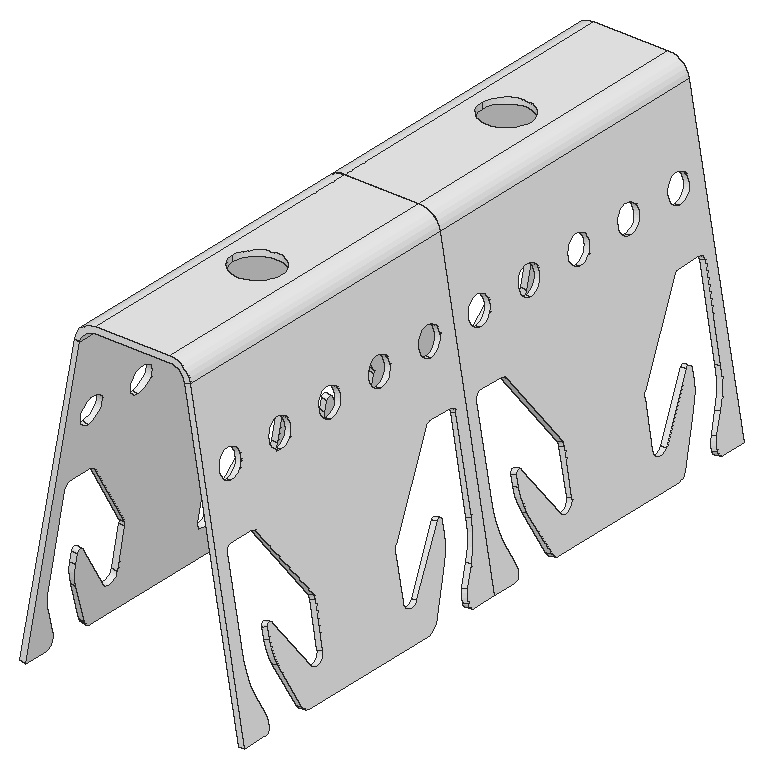
Revit family "HeartFelt-Linear-Carrier1-M50_HunterDouglasEurope", category Specialty Equipment, Revit 2016
Family settings
  Part Type = Normal
  Round Connector Dimension = Use Diameter
  OmniClass Number = 23.35.70.24.11.11.11
  OmniClass Title = Suspended Ceilings, Suspension Assembly
  Work Plane-Based = No
  Always vertical = No
  Cut with Voids When Loaded = No
  Shared = No
  Room Calculation Point = No
Parameters (values of type "HeartFelt AL Carrier1 M50_Transparent Coated")
  URL = "http://www.hunterdouglasarchitectural.eu/en-GB/ceilings/textile/heartfelt/index.jsp"
  Thickness = 0.95 mm
  System Weight (Panel1 40x55) = "4.6 kg/m²"  # constant formula
  System Openness = "20%"  # constant formula
  System Joint Width = "10mm"  # constant formula
  Substrate = "Aluminum"  # constant formula
  Subcategory = "HeartFelt® Ceilings"  # constant formula
  Product Line = "HeartFelt® Linear"  # constant formula
  Product Data = "http://assets2.hunterdouglascontract.com/documents/ceiling/Brochures/United%20Kingdom/Brochure-Heartfelt-en-UK.pdf"
  Model = "HeartFelt Carrier 1 M50"  # constant formula
  Material = Aluminum-7178_HunterDouglasEurope
  Manufacturer = "Hunter Douglas"  # constant formula
  Maintenance Instructions = "http://assets2.hunterdouglascontract.com/documents/ceiling/Brochures/_default/Cleaning-and-Maintenance-HeartFelt.pdf"
  Length [instance] = round(Carrier_actual length / 50.00 mm) * 50.00 mm  # 100.00 mm
  Instructions for Disassembly = "http://assets2.hunterdouglascontract.com/documents/ceiling/Installation%20Manuals/_default/Instructions-for-disassembly-or-component-extraction-of-HeartFelt-Linear-Felt-Ceilings.pdf"
  Instalation Instructions = "http://assets2.hunterdouglascontract.com/documents/ceiling/Installation%20Manuals/_default/Installation-Instructions-HeartFelt-EN.pdf"
  Height = 52.00 mm
  Fire rating = ""
  EN13501-1_Fire rating = "Class A2,s1,d0"  # constant formula
  Description = ""
  Colour Code = "7178"
  Carrier_length (max5000) [instance] = 100.00 mm
  Carrier_actual length [instance] = if([Carrier_length (max5000)] < 5000.00 mm, if([Carrier_length (max5000)] > 100.00 mm, [Carrier_length (max5000)], 100.00 mm), 5000.00 mm)  # 100.00 mm
  Carrier Exact Length = "4995mm"  # constant formula
  Article Code = "332075"  # constant formula
  Amount of Prongs [instance] = rounddown((Carrier_actual length - 25.00 mm) / 50.00 mm) + 1  # 2
  Alloy = "EN AW 5050"  # constant formula
Types (2, lengths in mm): name | Material | Colour Code
  HeartFelt AL Carrier1 M50_Transparent Coated | Aluminum-7178_HunterDouglasEurope | "7178"
  HeartFelt AL Carrier1 M50_Black | Aluminum-1863_HunterDouglasEurope | "1863"
Reference planes
  plane 1 "Center (Front/Back)": y = 0
  plane 2: z = 0
  plane 3 "Center (Left/Right)": x = 0
  plane 4 "Panel end": y = 75
  plane 5 "Panel start": y = -25
  plane 6: y = 0
  plane 7: y = 50
Dimensions and locks
  locked: plane 5 "Panel start" to plane 1 "Center (Front/Back)" at 25
  group 1 to group 2 = 0.00 mm  (x2)
  group 1 to group 2 = 50.00 mm
  locked: plane 1 "Center (Front/Back)" to plane 7 at 50
  "Carrier_length (max5000)": plane 4 "Panel end" to plane 5 "Panel start"
  aligned and locked: level to plane 2
  aligned and locked: plane 6 to plane 1 "Center (Front/Back)"
  aligned and locked: nested 1 to plane 5 "Panel start"
Nested families
  nested 1: "Module-50-Prong_HDE" at (0, 0, 0), type "Prong_M50"
  nested 2: "Module-50-Prong_HDE" at (0, 50, 0), type "Prong_M50"
Definition of nested family "Module-50-Prong_HDE"
  Parameters (values of type "Prong_M50")
    URL = "http://www.hunterdouglasarchitectural.eu/en-GB/ceilings/textile/heartfelt/index.jsp"
    Substrate = "Aluminum"  # constant formula
    Subcategory = "HeartFelt® Ceilings"  # constant formula
    Product Line = "HeartFelt® Linear"  # constant formula
    Model = "HeartFelt Carrier 1 M50"  # constant formula
    Material = none
    Manufacturer = "Hunter Douglas"  # constant formula
    Fire rating = ""
    Description = ""
    Colour Code = "7178"
    Article Code = "332075"  # constant formula
    Alloy = "EN AW 5050"  # constant formula
  Reference planes
    plane 1 "Center (Front/Back)": y = 0
    plane 2: z = 0
    plane 3 "Center (Left/Right)": x = 0
    plane 4 "Panel start": y = -25
    plane 5 "Right": through (18.054, -1524, 37.847) normal (-0.9848, 0, -0.1736)
    plane 6 "Left": through (-9.36, -1524, 87.149) normal (0.9848, 0, -0.1736)
  Forms (mm)
    Extrusion 1, solid, material <- "Material"
      sketch origin (23.982, 0, 4.229) x (0.173648, 0, -0.984808) y (0, -1, 0)
        loop
          line (-34.137, 25) -> (-84.2, 25) -> (-84.2, -25) -> (-34.137, -25) -> (-34.137, -20.997)
          arc (-34.137, -20.997) -> (-34.403, -20.317) -> (-35.061, -20) r 1
          arc (-35.061, -20) -> (-36.061, -20.06) -> (-37.015, -20.366) r 4
          line (-37.015, -20.366) -> (-39.951, -21.735)
          arc (-39.951, -21.735) -> (-42.734, -22.68) -> (-45.656, -23) r 13.5
          line (-45.656, -23) -> (-60.137, -23)
          arc (-60.137, -23) -> (-60.844, -22.707) -> (-61.137, -22) r 1
          line (-61.137, -22) -> (-61.137, -17.818)
          arc (-61.137, -17.818) -> (-61.024, -17.356) -> (-60.71, -16.998) r 1
          line (-60.71, -16.998) -> (-48.196, -8.236)
          arc (-48.196, -8.236) -> (-47.84, -8.06) -> (-47.448, -8) r 1.305
          line (-47.448, -8) -> (-40.398, -8)
          arc (-40.398, -8) -> (-38.972, -9.046) -> (-39.54, -10.72) r 1.495
          line (-39.54, -10.72) -> (-47.924, -16.59)
          arc (-47.924, -16.59) -> (-48.114, -17.15) -> (-47.637, -17.5) r 0.5
          line (-47.637, -17.5) -> (-45.878, -17.5)
          arc (-45.878, -17.5) -> (-43.93, -17.287) -> (-42.074, -16.657) r 9
          line (-42.074, -16.657) -> (-35.003, -13.359)
          arc (-35.003, -13.359) -> (-34.372, -12.806) -> (-34.137, -12) r 1.5
          line (-34.137, -12) -> (-34.137, 12)
          arc (-34.137, 12) -> (-34.372, 12.806) -> (-35.003, 13.359) r 1.5
          line (-35.003, 13.359) -> (-42.074, 16.657)
          arc (-42.074, 16.657) -> (-43.93, 17.287) -> (-45.878, 17.5) r 9
          line (-45.878, 17.5) -> (-47.637, 17.5)
          arc (-47.637, 17.5) -> (-48.114, 17.15) -> (-47.924, 16.59) r 0.5
          line (-47.924, 16.59) -> (-39.54, 10.72)
          arc (-39.54, 10.72) -> (-38.972, 9.046) -> (-40.398, 8) r 1.495
          line (-40.398, 8) -> (-47.448, 8)
          arc (-47.448, 8) -> (-47.84, 8.06) -> (-48.196, 8.236) r 1.305
          line (-48.196, 8.236) -> (-60.71, 16.998)
          arc (-60.71, 16.998) -> (-61.024, 17.356) -> (-61.137, 17.818) r 1
          line (-61.137, 17.818) -> (-61.137, 22)
          arc (-61.137, 22) -> (-60.844, 22.707) -> (-60.137, 23) r 1
          line (-60.137, 23) -> (-45.656, 23)
          arc (-45.656, 23) -> (-42.734, 22.68) -> (-39.951, 21.735) r 13.5
          line (-39.951, 21.735) -> (-37.015, 20.366)
          arc (-37.015, 20.366) -> (-36.061, 20.06) -> (-35.061, 20) r 4
          arc (-35.061, 20) -> (-34.403, 20.317) -> (-34.137, 20.997) r 1
          line (-34.137, 20.997) -> (-34.137, 25)
        loop
          circle (-71.25, 20) r 2.25
        loop
          circle (-71.25, 10) r 2.25
        loop
          circle (-71.25, 0) r 2.25
        loop
          circle (-71.25, -10) r 2.25
        loop
          circle (-71.25, -20) r 2.25
      from 0.95 to 0
    Extrusion 2, solid, material <- "Material"
      sketch origin (-23.982, 0, 4.229) x (0.173648, 0, 0.984808) y (0, -1, 0)
        loop
          line (84.2, 25) -> (34.137, 25) -> (34.137, 21)
          arc (34.137, 21) -> (34.43, 20.293) -> (35.137, 20) r 1
          arc (35.137, 20) -> (36.102, 20.07) -> (37.023, 20.37) r 4
          line (37.023, 20.37) -> (39.951, 21.735)
          arc (39.951, 21.735) -> (42.734, 22.68) -> (45.656, 23) r 13.5
          line (45.656, 23) -> (60.137, 23)
          arc (60.137, 23) -> (60.844, 22.707) -> (61.137, 22) r 1
          line (61.137, 22) -> (61.137, 17.818)
          arc (61.137, 17.818) -> (61.024, 17.356) -> (60.71, 16.998) r 1
          line (60.71, 16.998) -> (48.195, 8.235)
          arc (48.195, 8.235) -> (47.84, 8.06) -> (47.449, 8) r 1.3
          line (47.449, 8) -> (40.413, 8)
          arc (40.413, 8) -> (38.982, 9.049) -> (39.552, 10.729) r 1.5
          line (39.552, 10.729) -> (47.924, 16.59)
          arc (47.924, 16.59) -> (48.114, 17.15) -> (47.637, 17.5) r 0.5
          line (47.637, 17.5) -> (45.878, 17.5)
          arc (45.878, 17.5) -> (43.93, 17.287) -> (42.074, 16.657) r 9
          line (42.074, 16.657) -> (35.003, 13.359)
          arc (35.003, 13.359) -> (34.372, 12.806) -> (34.137, 12) r 1.5
          line (34.137, 12) -> (34.137, -12)
          arc (34.137, -12) -> (34.372, -12.806) -> (35.003, -13.359) r 1.5
          line (35.003, -13.359) -> (42.074, -16.657)
          arc (42.074, -16.657) -> (43.93, -17.287) -> (45.878, -17.5) r 9
          line (45.878, -17.5) -> (47.637, -17.5)
          arc (47.637, -17.5) -> (48.114, -17.15) -> (47.924, -16.59) r 0.5
          line (47.924, -16.59) -> (39.552, -10.729)
          arc (39.552, -10.729) -> (38.982, -9.049) -> (40.413, -8) r 1.5
          line (40.413, -8) -> (47.449, -8)
          arc (47.449, -8) -> (47.84, -8.06) -> (48.195, -8.235) r 1.3
          line (48.195, -8.235) -> (60.71, -16.998)
          arc (60.71, -16.998) -> (61.024, -17.356) -> (61.137, -17.818) r 1
          line (61.137, -17.818) -> (61.137, -22)
          arc (61.137, -22) -> (60.844, -22.707) -> (60.137, -23) r 1
          line (60.137, -23) -> (45.656, -23)
          arc (45.656, -23) -> (42.734, -22.68) -> (39.951, -21.735) r 13.5
          line (39.951, -21.735) -> (37.023, -20.37)
          arc (37.023, -20.37) -> (36.102, -20.07) -> (35.137, -20) r 4
          arc (35.137, -20) -> (34.43, -20.293) -> (34.137, -21) r 1
          line (34.137, -21) -> (34.137, -25) -> (84.2, -25) -> (84.2, 25)
        loop
          circle (71.25, -20) r 2.25
        loop
          circle (71.25, -10) r 2.25
        loop
          circle (71.25, 0) r 2.25
        loop
          circle (71.25, 10) r 2.25
        loop
          circle (71.25, 20) r 2.25
      from 0 to 0.95
    Extrusion 3, solid, material <- "Material"
      sketch origin (0, 0, 0) x (1, 0, 0) y (0, 0, 1)
        loop
          line (5.963, 90) -> (-5.963, 90)
          arc (-5.963, 90) -> (-8.18, 89.193) -> (-9.36, 87.149) r 3.45
          line (-9.36, 87.149) -> (-8.425, 86.984)
          arc (-8.425, 86.984) -> (-7.57, 88.465) -> (-5.963, 89.05) r 2.5
          line (-5.963, 89.05) -> (5.963, 89.05)
          arc (5.963, 89.05) -> (7.57, 88.465) -> (8.425, 86.984) r 2.5
          line (8.425, 86.984) -> (9.36, 87.149)
          arc (9.36, 87.149) -> (8.18, 89.193) -> (5.963, 90) r 3.45
      from 25 to -25
    Extrusion 4, void
      sketch origin (0, 0, 0) x (1, 0, 0) y (0, 1, 0)
        loop
          circle (0, 0) r 4
      from 90.5 to 88.5
  Cuts and joins
    Extrusion 4 cuts Extrusion 3
  Dimensions and locks
    plane 4 "Panel start" to plane 1 "Center (Front/Back)" = 25.00 mm
    aligned and locked: level to plane 2
